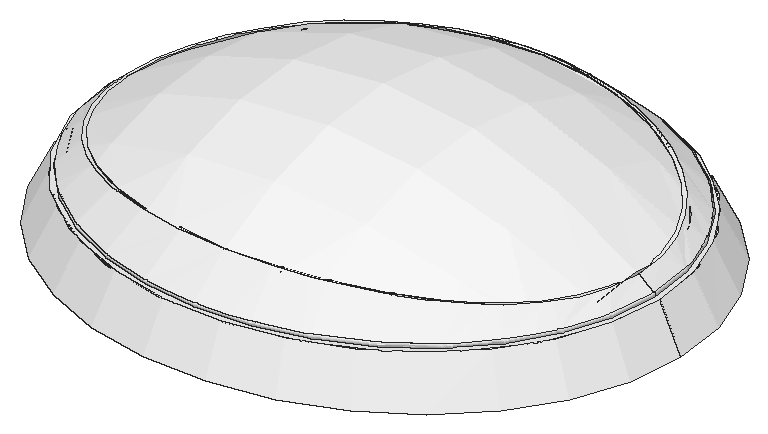
Revit family "4063810 Feilo Sylvania Lighting Fixtures BRIO IP65VR LED 4K EM WH G2", category Lighting Fixtures, host Face, Revit 2017
Family settings
  Host = Face
  Round Connector Dimension = Use Diameter
  Part Type = Normal
  OmniClass Number = 23.80.70.00
  OmniClass Title = Lighting
  Cut with Voids When Loaded = No
  Light Source = Yes
  Shared = No
  Room Calculation Point = No
Parameters (values of type "4063810 BRIO IP65VR LED 4K EM WH G2 High Output High Output")
  Weight = "3.2 kg"
  Wattage Comments = "n/a"
  Wattage = 19 W
  WarrantyStartDate [instance] = "n/a"
  WarrantyGuarantorParts = "n/a"
  WarrantyDurationUnit = "n/a"
  WarrantyDurationParts = "n/a"
  WarrantyDescription = "n/a"
  built-in parameter 1150110 = 1 (stored number, unit not read)
  Voltage = 230 V
  URL = "http://www.sylvania-lighting.com"
  TypeName = "BRIO IP65VR LED 4K EM WH G2"
  Type Image = <None>
  Type Comments = "n/a"
  built-in parameter 1114217 = 1 (stored number, unit not read)
  Tilt Angle = -90.00°
  built-in parameter 1150109 = 1 (stored number, unit not read)
  built-in parameter 1150134 = 12
  built-in parameter 1150113 = 1 (stored number, unit not read)
  SerialNumber [instance] = "n/a"
  ReflectorMaterial = none
  PowerFactor = 0.98
  PowerConsumption = "19 W"
  Photometric Web File = "4063810-EM.ies"
  NominalLength = 104 mm
  NominalHeight = 440 mm
  NominalDepth = 390 mm
  Name = "BRIO IP65VR LED 4K EM WH G2"
  ModelReference = Name  # "BRIO IP65VR LED 4K EM WH G2"
  ModelNumber = "4063810"
  Model = Name  # "BRIO IP65VR LED 4K EM WH G2"
  Material = "aluminium body, polycarbonate diffuser"
  ManufacturerName = "Feilo Sylvania"
  Manufacturer = "Feilo Sylvania"
  LuminousEfficacy = "72 lm/W"
  built-in parameter 1150105 = 108.86 (stored number, unit not read)
  Lumens = 1368 lm
  LuminaireType = ""
  built-in parameter 1150115 = 1 (stored number, unit not read)
  LightOutputRatio = "100"
  built-in parameter 1150137 = (empty or 0)
  built-in parameter 1150139 = (empty or 0)
  LampsType = Lamp  # "LED"
  LampNominalLuminous = "1371 lm"
  LampMacAdamStep = "n/a"
  LampColourTemperature = "4000 K"
  LampColourRenderingIndex = "80"
  built-in parameter 1150112 = 1 (stored number, unit not read)
  built-in parameter 1150114 = 1 (stored number, unit not read)
  Lamp = "LED"
  Keynote = "16500"
  InstallationDate [instance] = "n/a"
  InputVoltage = "230-240V~"
  InputNominalFrequency = "50/60 Hz"
  built-in parameter 1150132 = (empty or 0)
  built-in parameter 1150102 = (empty or 0)
  built-in parameter 1150107 = 4000 (stored number, unit not read)
  built-in parameter 1150138 = (empty or 0)
  IngressProtection = "IP65"
  ImpactProtectionIndex = "IK10"
  built-in parameter 1150106 = 1.0886 (stored number, unit not read)
  IfcExportType = "IfcLightFixtureType"
  IfcExportAs = "IfcLightFixtureType"
  ExpectedLife = 50000
  Emit from Circle Diameter = 300 mm
  Emit Shape Visible in Rendering = no
  ElectricShockClassification = "Class I"
  built-in parameter 1150104 = 6.689 (stored number, unit not read)
  DurationUnit = "hours"
  DocumentationLiterature = "http://www.sylvania-lighting.com/product/en-int/products/4063810"
  DimmingControlOptions = "n/a"
  Dimming Lamp Color Temperature Shift = <None>
  DiffuserMaterial = Diffuser-Sylvania-BrioIP65VR-Opal
  Description = "LED exterior bulkhead, Unique feature allowing a choice between High Output or High Efficiency with the flick of a switch, die-cast aluminium body,  vandal resistant, 717/1371LM, 9/17W, 80/81lm/W, 4000K, Driver Current: 350/750mA, CRI80, Non dimmable, Emergency, IP65, IK10, 50,000hrs (L70), (HxWxD) 358 x 408 x 104mm,  3.2kg, 3 step MacAdam ellipse,  RAL 9016, Class 1, 230V,  energy class: A++, A+, A"
  Default Elevation = 1219.2 mm
  CreatedOn = "23/11/2017"
  CreatedBy = ""
  Cost = 0
  Color Filter = 16777215
  built-in parameter 1114216 [instance] = (empty or 0)
  ClassificationValue = "EF_70_80"
  ClassificationName = "Uniclass2015"
  BodyMaterial = Body-Sylvania-BrioIP65VR-White
  BarCode [instance] = "n/a"
  built-in parameter 1114218 = 1 (stored number, unit not read)
  built-in parameter 1150133 = 10 (stored number, unit not read)
  AssetType = "Fixed"
  AssetIdentifier [instance] = "n/a"
  Assembly Code = "D5020200"
  Apparent Load = 19 VA
  AccessoryMaterial = none
Types (2, lengths in mm): name | Wattage | PowerConsumption | built-in parameter 1150105 | Lumens | LampNominalLuminous | built-in parameter 1150106 | Apparent Load
  4063810 BRIO IP65VR LED 4K EM WH G2 High Output High Output | 19 W | "19 W" | 108.86 (stored number, unit not read) | 1368 lm | "1371 lm" | 1.0886 (stored number, unit not read) | 19 VA
  4063810 BRIO IP65VR LED 4K EM WH G2 High Efficiency High Efficiency | 11 W | "11 W" | 63.025 (stored number, unit not read) | 792 lm | "717 lm" | 0.63025 (stored number, unit not read) | 11 VA
Reference planes
  plane 1 "Center (Front/Back)": y = 0
  plane 2: z = 0
  plane 3 "Center (Left/Right)": x = 0
  plane 4: x = 220
  plane 5: x = -220
  plane 6: y = 195
  plane 7: y = -195
  plane 8: z = 104
  plane 9: z = 32.5
  plane 10: z = 60
  plane 11: x = -172.7
  plane 12: x = -203.7
  plane 13: z = 45
  plane 14: y = -147.7
  plane 15: y = 147.7
  plane 16: z = 58.9
  plane 17: y = 146.8
  plane 18: y = -146.8
  plane 19: y = -148.7
  plane 20: y = 148.7
  plane 21: x = -193.7
Forms (mm)
  Blend 1, solid, material "Body-Sylvania-BrioIP65VR-White" <- "BodyMaterial"
    base sketch origin (0, 0, 0) x (1, 0, 0) y (0, 1, 0)
      loop
        spline (-220, 0) -> (-212.504, -50.47) -> (-190.526, -97.5) -> (-155.563, -137.886) -> (-110, -168.875) -> (-56.94, -188.356) -> (0, -195) -> (56.94, -188.356) -> (110, -168.875) -> (155.563, -137.886) -> (190.526, -97.5) -> (212.504, -50.47) -> (220, 0)
        spline (220, 0) -> (212.504, 50.47) -> (190.526, 97.5) -> (155.563, 137.886) -> (110, 168.875) -> (56.94, 188.356) -> (0, 195) -> (-56.94, 188.356) -> (-110, 168.875) -> (-155.563, 137.886) -> (-190.526, 97.5) -> (-212.504, 50.47) -> (-220, 0)
    top sketch origin (0, 0, 0) x (1, 0, 0) y (0, 1, 0)
      loop
        spline (-203.75, 0) -> (-196.807, -46.329) -> (-176.453, -89.5) -> (-144.073, -126.572) -> (-101.875, -155.019) -> (-52.734, -172.901) -> (0, -179) -> (52.734, -172.901) -> (101.875, -155.019) -> (144.073, -126.572) -> (176.453, -89.5) -> (196.807, -46.329) -> (203.75, 0)
        spline (203.75, 0) -> (196.807, 46.329) -> (176.453, 89.5) -> (144.073, 126.572) -> (101.875, 155.019) -> (52.734, 172.901) -> (0, 179) -> (-52.734, 172.901) -> (-101.875, 155.019) -> (-144.073, 126.572) -> (-176.453, 89.5) -> (-196.807, 46.329) -> (-203.75, 0)
    from 0 to 32.5
  Sweep 2, solid, material "Body-Sylvania-BrioIP65VR-White" <- "BodyMaterial"
    path in 3D
      loop
        spline (203.75, 0, 32.5) -> (196.807, -46.329, 32.5) -> (176.453, -89.5, 32.5) -> (144.073, -126.572, 32.5) -> (101.875, -155.019, 32.5) -> (52.734, -172.901, 32.5) -> (0, -179, 32.5) -> (-52.734, -172.901, 32.5) -> (-101.875, -155.019, 32.5) -> (-144.073, -126.572, 32.5) -> (-176.453, -89.5, 32.5) -> (-196.807, -46.329, 32.5) -> (-203.75, 0, 32.5)
        spline (-203.75, 0, 32.5) -> (-196.807, 46.329, 32.5) -> (-176.453, 89.5, 32.5) -> (-144.073, 126.572, 32.5) -> (-101.875, 155.019, 32.5) -> (-52.734, 172.901, 32.5) -> (0, 179, 32.5) -> (52.734, 172.901, 32.5) -> (101.875, 155.019, 32.5) -> (144.073, 126.572, 32.5) -> (176.453, 89.5, 32.5) -> (196.807, 46.329, 32.5) -> (203.75, 0, 32.5)
    profile origin (-203.75, 0, 32.5) x (-1, 0, 0) y (0, 0, 1)
      loop
        line (-31.05, 27.5) -> (-32.113, 26.437) -> (-10.05, 6.897) -> (-10.05, 1.5) -> (-31.05, 1.5) -> (-31.05, 0) -> (-5.172, 0)
        arc (-5.172, 0) -> (-3.338, 1.266) -> (-3.872, 3.429) r 1.961
        line (-3.872, 3.429) -> (-31.05, 27.5)
  Extrusion 3, void
    sketch origin (0, 0, 0) x (0, 1, 0) y (0, 0, 1)
      loop
        arc (-148.7, 60) -> (0, 45) -> (148.7, 60) r 744.556
        line (148.7, 60) -> (-148.7, 60)
    from -220 to 220
  Sweep 4, solid, material "Diffuser-Sylvania-BrioIP65VR-Opal" <- "DiffuserMaterial"
    path in 3D
      loop
        arc (0, 146.8, 58.9) -> (0, 0, 104) -> (0, -146.8, 58.9) r 261.466
    profile origin (0, 0, 104) x (0, 0, -1) y (1, 0, 0)
      loop
        line (59, -187.374) -> (61.459, -185.655)
        arc (61.459, -185.655) -> (3, 0) -> (61.459, 185.655) r 324.034
        line (61.459, 185.655) -> (59, 187.374)
        arc (59, 187.374) -> (0, 0) -> (59, -187.374) r 327.034
  Extrusion 5, void
    sketch origin (0, 0, 0) x (1, 0, 0) y (0, 1, 0)
      loop
        spline (-193.7, 0) -> (-187.1, -38.486) -> (-167.749, -74.35) -> (-136.967, -105.147) -> (-96.85, -128.778) -> (-50.133, -143.633) -> (0, -148.7) -> (50.133, -143.633) -> (96.85, -128.778) -> (136.967, -105.147) -> (167.749, -74.35) -> (187.1, -38.486) -> (193.7, 0)
        spline (193.7, 0) -> (187.1, 38.486) -> (167.749, 74.35) -> (136.967, 105.147) -> (96.85, 128.778) -> (50.133, 143.633) -> (0, 148.7) -> (-50.133, 143.633) -> (-96.85, 128.778) -> (-136.967, 105.147) -> (-167.749, 74.35) -> (-187.1, 38.486) -> (-193.7, 0)
      loop
        line (-203.7, 195) -> (-203.7, -195) -> (220, -195) -> (220, 195) -> (-203.7, 195)
    from 0 to 60
Cuts and joins
  Extrusion 3 cuts Sweep 2
  Extrusion 5 cuts Sweep 4
Lines and regions (mm)
  sketch lines
    curve 1: spline (-203.75, 0, 32.5) -> (-196.807, 46.329, 32.5) -> (-176.453, 89.5, 32.5) -> (-144.073, 126.572, 32.5) -> (-101.875, 155.019, 32.5) -> (-52.734, 172.901, 32.5) -> (0, 179, 32.5) -> (52.734, 172.901, 32.5) -> (101.875, 155.019, 32.5) -> (144.073, 126.572, 32.5) -> (176.453, 89.5, 32.5) -> (196.807, 46.329, 32.5) -> (203.75, 0, 32.5)
    curve 2: spline (203.75, 0, 32.5) -> (196.807, -46.329, 32.5) -> (176.453, -89.5, 32.5) -> (144.073, -126.572, 32.5) -> (101.875, -155.019, 32.5) -> (52.734, -172.901, 32.5) -> (0, -179, 32.5) -> (-52.734, -172.901, 32.5) -> (-101.875, -155.019, 32.5) -> (-144.073, -126.572, 32.5) -> (-176.453, -89.5, 32.5) -> (-196.807, -46.329, 32.5) -> (-203.75, 0, 32.5)
    curve 4: arc (0, 146.8, 58.9) -> (0, 0, 104) -> (0, -146.8, 58.9) r 261.466
  reference lines
    curve 3: arc (0, 146.8, 58.9) -> (0, 0, 104) -> (0, -146.8, 58.9) r 261.466
Dimensions and locks
  equal spacing: plane 5, plane 3 "Center (Left/Right)", plane 4
  locked: plane 5 to plane 4 at 440
  equal spacing: plane 7, plane 1 "Center (Front/Back)", plane 6
  locked: plane 7 to plane 6 at 390
  locked: plane 8 to plane 2 at 104
  plane 9 to plane 2 = 32.5 mm
  locked: Blend 1 sketch curve to Blend 1 sketch curve at 195
  locked: Blend 1 sketch curve to Blend 1 sketch curve at 220
  locked: Blend 1 sketch curve to Blend 1 sketch curve at 203.75
  locked: Blend 1 sketch curve to Blend 1 sketch curve at 179
  locked: plane 10 to plane 9 at 27.5
  locked: plane 12 to plane 5 at 16.3
  locked: plane 11 to plane 5 at 47.3
  locked: plane 10 to plane 13 at 15
  equal spacing: plane 14, plane 1 "Center (Front/Back)", plane 15
  locked: plane 7 to plane 14 at 47.3
  locked: Sweep 2 sketch curve to Sweep 2 sketch curve at 1.5
  locked: Sweep 2 sketch curve to plane 9 at 1.5
  locked: plane 16 to plane 10 at 1.1
  equal spacing: plane 18, plane 1 "Center (Front/Back)", plane 17
  locked: plane 14 to plane 18 at 0.9
  locked: plane 2 to curve 3 at 157.466
  equal spacing: plane 19, plane 1 "Center (Front/Back)", plane 20
  locked: plane 19 to plane 14 at 1
  locked: Extrusion 3 sketch curve to plane 2 at 789.556
  locked: plane 21 to plane 12 at 10
  aligned and locked: plane 2 to host face
  aligned and locked: level to host face
  aligned and locked: plane 3 "Center (Left/Right)" to Blend 1 sketch curve  (x2)
  aligned and locked: plane 1 "Center (Front/Back)" to Blend 1 sketch curve  (x4)
  aligned and locked: Blend 1 to plane 9
  aligned and locked: Sweep 2 sketch curve to profile plane
  aligned and locked: plane 4 to Extrusion 3
  aligned and locked: plane 10 to Sweep 2 sketch curve
  aligned and locked: plane 17 to curve 3
  aligned and locked: plane 16 to curve 3  (x2)
  aligned and locked: plane 18 to curve 3
  aligned and locked: plane 13 to Sweep 4 sketch curve
  aligned and locked: plane 10 to Extrusion 3 sketch curve
  aligned and locked: plane 20 to Extrusion 3 sketch curve
  aligned and locked: plane 19 to Extrusion 3 sketch curve
  aligned and locked: plane 1 "Center (Front/Back)" to Extrusion 3 sketch curve
  aligned and locked: Extrusion 3 to plane 5
  aligned and locked: imposter light to plane 8
  aligned and locked: plane 3 "Center (Left/Right)" to imposter light
  aligned and locked: imposter light to plane 1 "Center (Front/Back)"
  aligned and locked: plane 21 to Sweep 2 sketch curve
  aligned and locked: Sweep 2 sketch curve to plane 21
  aligned and locked: plane 3 "Center (Left/Right)" to Extrusion 5 sketch curve
  aligned and locked: plane 1 "Center (Front/Back)" to Extrusion 5 sketch curve  (x2)
  aligned and locked: plane 6 to Extrusion 5 sketch curve
  aligned and locked: Extrusion 5 sketch curve to plane 7
  aligned and locked: Extrusion 5 sketch curve to plane 4
  aligned and locked: plane 12 to Extrusion 5 sketch curve
  aligned and locked: Extrusion 5 to level
  aligned and locked: Extrusion 5 to plane 10
Automatic sketch dimensions
  host sketch curve to host sketch curve = 2438.4 mm  (x2)
  Sweep 4 sketch curve to Sweep 4 sketch curve = 0 mm  (x2)
  Sweep 4 sketch curve to profile plane = 0 mm
  Sweep 4 sketch curve to Sweep 4 sketch curve = 2.459 mm  (x2)
  Sweep 4 sketch curve to Sweep 4 sketch curve = 265.575 mm
  Sweep 4 sketch curve to profile plane = 185.655 mm
  Sweep 4 sketch curve to Sweep 4 sketch curve = 1.719 mm
  Sweep 4 sketch curve to profile plane = 59 mm
  Sweep 2 sketch curve to Sweep 2 sketch curve = 21 mm
  Sweep 2 sketch curve to Sweep 2 sketch curve = 0 mm
  profile plane to Sweep 2 sketch curve = 26.437 mm
  Sweep 2 sketch curve to Sweep 2 sketch curve = 1.063 mm
  profile plane to Sweep 2 sketch curve = 1.961 mm
  profile plane to Sweep 2 sketch curve = 3.429 mm
  Extrusion 5 sketch curve to plane 21 = 0 mm
Connectors
  electrical at (0, 0, 0), driven by "Apparent Load", driven by "PowerFactor", driven by "Voltage"
    settings: index 1, voltage 230 V, apparent load 19 VA, apparent load phase1 0 VA, apparent load phase2 0 VA, apparent load phase3 0 VA, power factor 0.98, load classification "Lighting", number of poles 1, system type 30, power factor state 1, is connector primary yes, connector utility no, sub classification motor no, connector description ""
